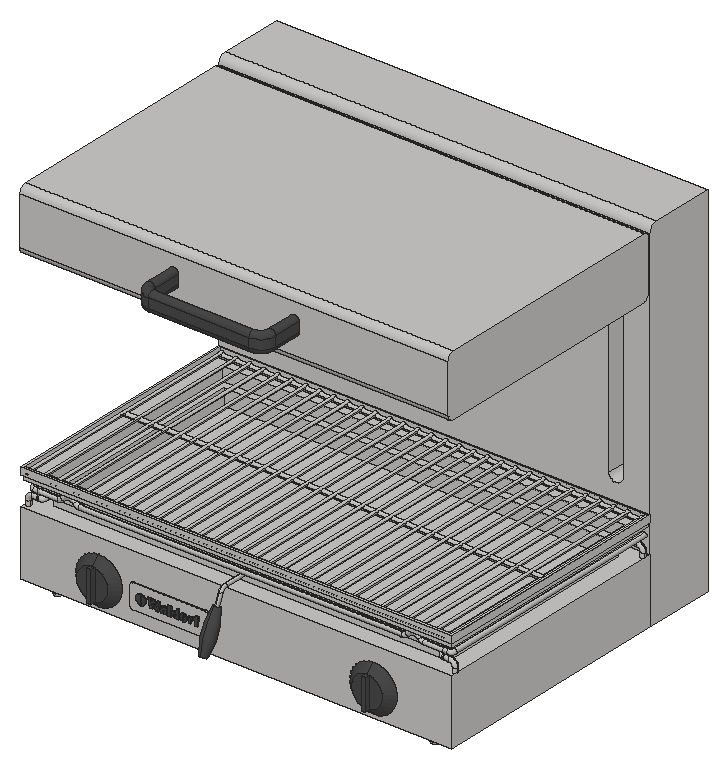
Revit family "QF_MOFFAT_BLUESEAL_CE_E90", category Specialty Equipment, Revit 2012
Parameters
  Width = 600 mm
  Weight in Pounds = 79
  Watts = 3600 W
  Volts = 230 V
  URL Cutsheet = "www.moffat.com"
  URL = "www.moffat.com"
  Type Mark [instance] = ""
  Status [instance] = ""
  Specification by User [instance] = ""
  Specification by Manufacturer = ""
  Show Logo [instance] = yes
  Serial Number = ""
  Seismic Rating = ""
  SMACNA No = ""
  Revision Code [instance] = ""
  Phase = 1
  Omniclass Number and Title = ""
  Number of Poles = 1
  NAFEM Spec ID Number = ""
  Model = "E90"
  Min Ckt Ampacity = 0 A
  Max Overcurrent Protection = 0 A
  Masterspec = ""
  Manufacturer = "MOFFAT BLUESEAL"
  Item Number [instance] = ""
  Installed By [instance] = ""
  Identify Quantity as Lot [instance] = yes
  Height = 514 mm
  HP = ""
  Furnished By [instance] = ""
  Foodservice Equipment Identifier [instance] = yes
  FL Amps = 15 A
  Electrical Remarks = ""
  Electric Connection Type = ""
  Elec Conn RI Height = 0 mm
  Elec Conn Connection Height = 0 mm
  Description = "600MM ELECTRIC SALAMANDER"
  Depth = 510 mm
  Cycle = 50 Hz
  Conn Plug = ""
  Conn Conduit = yes
  CSI MasterFormat = ""
  CSI Master Format = ""
  Body Finish = QF_Finishes_Stainless Steel
  Apparent Power = 0 VA
Reference planes
  plane 1 "BACK": y = 0
  plane 2: z = 0
  plane 3 "LEFT": x = 0
  plane 4 "RIGHT": x = 600
  plane 5 "FRONT": y = -510
  plane 6 "TOP": z = 514
  plane 7 "Center Y": x = 300
  plane 8 "Center X": y = -255
  plane 9: z = 424
  plane 10: z = 12.7
  plane 11: x = 390.463
  plane 12: x = 209.537
  plane 13: x = 37.476
  plane 14: y = -426.962
Forms (mm)
  Extrusion 1, solid, material "QF_Finishes_Stainless Steel"
    sketch origin (0, 0, 0) x (0, 1, 0) y (0, 0, 1)
      loop
        line (0, 514) -> (-88.234, 514)
        arc (-88.234, 514) -> (-96.527, 510.565) -> (-99.962, 502.272) r 11.728
        line (-99.962, 502.272) -> (-99.962, 12.7) -> (0, 12.7) -> (0, 514)
    from 0 to 600
  Extrusion 2, solid, material "QF_Finishes_Stainless Steel"
    sketch origin (0, 0, 0) x (0, 1, 0) y (0, 0, 1)
      loop
        line (-99.962, 12.7) -> (-99.962, 102.7) -> (-444.962, 102.7) -> (-444.962, 12.7) -> (-99.962, 12.7)
    from 0 to 600
  Extrusion 3, void
    sketch origin (0, -99.962, 502.272) x (0, 0, 1) y (1, 0, 0)
      loop
        line (-21.583, 57.235) -> (-316.876, 57.235)
        arc (-316.876, 57.235) -> (-326.876, 47.235) -> (-316.876, 37.235) r 10
        line (-316.876, 37.235) -> (-21.583, 37.235)
        arc (-21.583, 37.235) -> (-11.583, 47.235) -> (-21.583, 57.235) r 10
      loop
        arc (-21.583, 542.765) -> (-11.583, 552.765) -> (-21.583, 562.765) r 10
        line (-21.583, 562.765) -> (-316.876, 562.765)
        arc (-316.876, 562.765) -> (-326.876, 552.765) -> (-316.876, 542.765) r 10
        line (-316.876, 542.765) -> (-21.583, 542.765)
    from 0 to 50
  Extrusion 4, solid, material "QF_Finishes_Stainless Steel"
    sketch origin (600, 0, 0) x (0, 1, 0) y (0, 0, 1)
      loop
        line (-107.462, 505.178) -> (-438.806, 505.178)
        arc (-438.806, 505.178) -> (-445.877, 502.249) -> (-448.806, 495.178) r 10
        line (-448.806, 495.178) -> (-448.806, 427.852)
        arc (-448.806, 427.852) -> (-446.558, 422.426) -> (-441.132, 420.178) r 7.674
        line (-441.132, 420.178) -> (-109.153, 420.178)
        arc (-109.153, 420.178) -> (-104.422, 422.138) -> (-102.462, 426.869) r 6.691
        line (-102.462, 426.869) -> (-102.462, 500.178)
        arc (-102.462, 500.178) -> (-103.927, 503.714) -> (-107.462, 505.178) r 5
    from -2 to -598
  Sweep 5, solid, material "QF_Finishes_Black"
    path origin (600, -443.806, 414.366) x (1, 0, 0) y (0, 1, 0)
      loop
        line (-390.463, -4.983) -> (-390.463, -45.794)
        arc (-390.463, -45.794) -> (-384.488, -60.219) -> (-370.063, -66.194) r 20.4
        line (-370.063, -66.194) -> (-229.932, -66.194)
        arc (-229.932, -66.194) -> (-215.51, -60.221) -> (-209.537, -45.799) r 20.395
        line (-209.537, -45.799) -> (-209.537, -4.983)
    profile origin (209.537, -469.194, 414.366) x (1, 0, 0) y (0, 0, 1)
      loop
        arc (0, 44.74) -> (6.406, 38.334) -> (12.812, 44.74) r 6.406
        line (12.812, 44.74) -> (12.812, 58.081)
        arc (12.812, 58.081) -> (6.406, 64.487) -> (0, 58.081) r 6.406
        line (0, 58.081) -> (0, 44.74)
  Extrusion 6, solid, material "QF_Finishes_Stainless Steel"
    sketch origin (0, -444.962, 102.7) x (0, 1, 0) y (-1, 0, 0)
      loop
        line (345, 0) -> (0, 0) -> (0, -600) -> (345, -600) -> (345, 0)
      loop
        line (3, -3) -> (3, -597) -> (342, -597) -> (342, -3) -> (3, -3)
    from 50 to 40
  Extrusion 7, solid, material "QF_Finishes_Stainless Steel"
    sketch origin (0, -102.962, 102.7) x (1, 0, 0) y (0, 0, 1)
      loop
        circle (592.087, 44.923) r 2
    from 0 to 339
  Extrusion 8, solid, material "QF_Finishes_Stainless Steel"
    sketch origin (-585, -102.962, 102.7) x (1, 0, 0) y (0, 0, 1)
      loop
        circle (592.087, 44.923) r 2
    from 0 to 339
  Extrusion 9, solid, material "QF_Finishes_Stainless Steel"
    sketch origin (-19.5, -102.962, 102.7) x (1, 0, 0) y (0, 0, 1)
      loop
        circle (592.087, 44.923) r 2
    from 0 to 339
  Extrusion 10, solid, material "QF_Finishes_Stainless Steel"
    sketch origin (-39, -102.962, 102.7) x (1, 0, 0) y (0, 0, 1)
      loop
        circle (592.087, 44.923) r 2
    from 0 to 339
  Extrusion 11, solid, material "QF_Finishes_Stainless Steel"
    sketch origin (-58.5, -102.962, 102.7) x (1, 0, 0) y (0, 0, 1)
      loop
        circle (592.087, 44.923) r 2
    from 0 to 339
  Extrusion 12, solid, material "QF_Finishes_Stainless Steel"
    sketch origin (-78, -102.962, 102.7) x (1, 0, 0) y (0, 0, 1)
      loop
        circle (592.087, 44.923) r 2
    from 0 to 339
  Extrusion 13, solid, material "QF_Finishes_Stainless Steel"
    sketch origin (-97.5, -102.962, 102.7) x (1, 0, 0) y (0, 0, 1)
      loop
        circle (592.087, 44.923) r 2
    from 0 to 339
  Extrusion 14, solid, material "QF_Finishes_Stainless Steel"
    sketch origin (-117, -102.962, 102.7) x (1, 0, 0) y (0, 0, 1)
      loop
        circle (592.087, 44.923) r 2
    from 0 to 339
  Extrusion 15, solid, material "QF_Finishes_Stainless Steel"
    sketch origin (-136.5, -102.962, 102.7) x (1, 0, 0) y (0, 0, 1)
      loop
        circle (592.087, 44.923) r 2
    from 0 to 339
  Extrusion 16, solid, material "QF_Finishes_Stainless Steel"
    sketch origin (-156, -102.962, 102.7) x (1, 0, 0) y (0, 0, 1)
      loop
        circle (592.087, 44.923) r 2
    from 0 to 339
  Extrusion 17, solid, material "QF_Finishes_Stainless Steel"
    sketch origin (-175.5, -102.962, 102.7) x (1, 0, 0) y (0, 0, 1)
      loop
        circle (592.087, 44.923) r 2
    from 0 to 339
  Extrusion 18, solid, material "QF_Finishes_Stainless Steel"
    sketch origin (-195, -102.962, 102.7) x (1, 0, 0) y (0, 0, 1)
      loop
        circle (592.087, 44.923) r 2
    from 0 to 339
  Extrusion 19, solid, material "QF_Finishes_Stainless Steel"
    sketch origin (-214.5, -102.962, 102.7) x (1, 0, 0) y (0, 0, 1)
      loop
        circle (592.087, 44.923) r 2
    from 0 to 339
  Extrusion 20, solid, material "QF_Finishes_Stainless Steel"
    sketch origin (-234, -102.962, 102.7) x (1, 0, 0) y (0, 0, 1)
      loop
        circle (592.087, 44.923) r 2
    from 0 to 339
  Extrusion 21, solid, material "QF_Finishes_Stainless Steel"
    sketch origin (-253.5, -102.962, 102.7) x (1, 0, 0) y (0, 0, 1)
      loop
        circle (592.087, 44.923) r 2
    from 0 to 339
  Extrusion 22, solid, material "QF_Finishes_Stainless Steel"
    sketch origin (-273, -102.962, 102.7) x (1, 0, 0) y (0, 0, 1)
      loop
        circle (592.087, 44.923) r 2
    from 0 to 339
  Extrusion 23, solid, material "QF_Finishes_Stainless Steel"
    sketch origin (-292.5, -102.962, 102.7) x (1, 0, 0) y (0, 0, 1)
      loop
        circle (592.087, 44.923) r 2
    from 0 to 339
  Extrusion 24, solid, material "QF_Finishes_Stainless Steel"
    sketch origin (-312, -102.962, 102.7) x (1, 0, 0) y (0, 0, 1)
      loop
        circle (592.087, 44.923) r 2
    from 0 to 339
  Extrusion 25, solid, material "QF_Finishes_Stainless Steel"
    sketch origin (-331.5, -102.962, 102.7) x (1, 0, 0) y (0, 0, 1)
      loop
        circle (592.087, 44.923) r 2
    from 0 to 339
  Extrusion 26, solid, material "QF_Finishes_Stainless Steel"
    sketch origin (-351, -102.962, 102.7) x (1, 0, 0) y (0, 0, 1)
      loop
        circle (592.087, 44.923) r 2
    from 0 to 339
  Extrusion 27, solid, material "QF_Finishes_Stainless Steel"
    sketch origin (-370.5, -102.962, 102.7) x (1, 0, 0) y (0, 0, 1)
      loop
        circle (592.087, 44.923) r 2
    from 0 to 339
  Extrusion 28, solid, material "QF_Finishes_Stainless Steel"
    sketch origin (-390, -102.962, 102.7) x (1, 0, 0) y (0, 0, 1)
      loop
        circle (592.087, 44.923) r 2
    from 0 to 339
  Extrusion 29, solid, material "QF_Finishes_Stainless Steel"
    sketch origin (-409.5, -102.962, 102.7) x (1, 0, 0) y (0, 0, 1)
      loop
        circle (592.087, 44.923) r 2
    from 0 to 339
  Extrusion 30, solid, material "QF_Finishes_Stainless Steel"
    sketch origin (-429, -102.962, 102.7) x (1, 0, 0) y (0, 0, 1)
      loop
        circle (592.087, 44.923) r 2
    from 0 to 339
  Extrusion 31, solid, material "QF_Finishes_Stainless Steel"
    sketch origin (-448.5, -102.962, 102.7) x (1, 0, 0) y (0, 0, 1)
      loop
        circle (592.087, 44.923) r 2
    from 0 to 339
  Extrusion 32, solid, material "QF_Finishes_Stainless Steel"
    sketch origin (-468, -102.962, 102.7) x (1, 0, 0) y (0, 0, 1)
      loop
        circle (592.087, 44.923) r 2
    from 0 to 339
  Extrusion 33, solid, material "QF_Finishes_Stainless Steel"
    sketch origin (-487.5, -102.962, 102.7) x (1, 0, 0) y (0, 0, 1)
      loop
        circle (592.087, 44.923) r 2
    from 0 to 339
  Extrusion 34, solid, material "QF_Finishes_Stainless Steel"
    sketch origin (-507, -102.962, 102.7) x (1, 0, 0) y (0, 0, 1)
      loop
        circle (592.087, 44.923) r 2
    from 0 to 339
  Extrusion 35, solid, material "QF_Finishes_Stainless Steel"
    sketch origin (-526.5, -102.962, 102.7) x (1, 0, 0) y (0, 0, 1)
      loop
        circle (592.087, 44.923) r 2
    from 0 to 339
  Extrusion 36, solid, material "QF_Finishes_Stainless Steel"
    sketch origin (-546, -102.962, 102.7) x (1, 0, 0) y (0, 0, 1)
      loop
        circle (592.087, 44.923) r 2
    from 0 to 339
  Extrusion 37, solid, material "QF_Finishes_Stainless Steel"
    sketch origin (-565.5, -102.962, 102.7) x (1, 0, 0) y (0, 0, 1)
      loop
        circle (592.087, 44.923) r 2
    from 0 to 339
  Extrusion 38, solid, material "QF_Finishes_Stainless Steel"
    sketch origin (3, -102.281, 102.7) x (0, 1, 0) y (0, 0, 1)
      loop
        circle (-336.674, 42.923) r 3
      loop
        circle (-170.182, 42.923) r 3
      loop
        circle (-3.682, 42.923) r 3
    from 0 to 594
  Sweep 39, solid, material "QF_Finishes_Stainless Steel"
    path origin (0, -444.962, 142.7) x (0, 1, 0) y (-1, 0, 0)
      loop
        line (330, -15) -> (13.008, -15) -> (13.008, -587) -> (330, -587) -> (330, -15)
    profile origin (301, -114.962, 142.7) x (0, 1, 0) y (0, 0, 1)
      loop
        line (0, -5) -> (12, -5) -> (12, 0) -> (-5, 0) -> (-5, -18.089) -> (-16.511, -18.089) -> (-16.511, -40) -> (-11.511, -40) -> (-11.511, -23.089) -> (0, -23.089) -> (0, -5)
  Sweep 40, solid, material "QF_Finishes_Stainless Steel"
    path origin (587, -431.954, 137.7) x (-1, 0, 0) y (0, 0, -1)
      loop
        line (569, 13.089) -> (541.437, 13.089)
        arc (541.437, 13.089) -> (537.989, 12.275) -> (535.272, 10.003) r 7.7
        arc (535.272, 10.003) -> (526.866, 5.793) -> (518.459, 9.999) r 10.501
        arc (518.459, 9.999) -> (515.736, 12.274) -> (512.283, 13.089) r 7.716
        line (512.283, 13.089) -> (61.717, 13.089)
        arc (61.717, 13.089) -> (58.264, 12.274) -> (55.541, 9.999) r 7.716
        arc (55.541, 9.999) -> (47.134, 5.793) -> (38.728, 10.003) r 10.501
        arc (38.728, 10.003) -> (36.011, 12.275) -> (32.563, 13.089) r 7.7
        line (32.563, 13.089) -> (5, 13.089)
    profile origin (300, -431.954, 124.611) x (0, 0, 1) y (0, -1, 0)
      loop
        circle (0, 3.036) r 3.036
  Sweep 41, solid, material "QF_Finishes_Stainless Steel"
    path origin (15, -114.962, 119.611) x (0, -1, 0) y (1, 0, 0)
      loop
        line (320.028, 567) -> (320.028, 572.972)
        arc (320.028, 572.972) -> (318.848, 575.82) -> (316, 577) r 4.028
        line (316, 577) -> (-15, 577)
    profile origin (584.986, -434.991, 119.611) x (0, 1, 0) y (0, 0, 1)
      loop
        circle (0, 5) r 3.036
  Sweep 42, solid, material "QF_Finishes_Stainless Steel"
    path origin (585, -114.962, 119.611) x (0, 1, 0) y (-1, 0, 0)
      loop
        line (-320.028, 567) -> (-320.028, 572.972)
        arc (-320.028, 572.972) -> (-318.848, 575.82) -> (-316, 577) r 4.028
        line (-316, 577) -> (15, 577)
    profile origin (15.014, -434.991, 119.611) x (0, -1, 0) y (0, 0, 1)
      loop
        circle (0, 5) r 3.036
  Sweep 43, solid, material "QF_Finishes_Stainless Steel"
    path origin (569.239, -420.444, 119.611) x (-1, 0, 0) y (0, 0, -1)
      loop
        line (551.913, 3.413) -> (559.47, 3.413)
        arc (559.47, 3.413) -> (564.102, 5.332) -> (566.021, 9.964) r 6.551
        line (566.021, 9.964) -> (566.021, 16.911)
    profile origin (13.547, -420.444, 116.198) x (0, 0, -1) y (0, -1, 0)
      loop
        circle (0, 14.832) r 3.066
  Sweep 44, solid, material "QF_Finishes_Stainless Steel"
    path origin (-549.634, -114.962, 111.175) x (0, -1, 0) y (1, 0, 0)
      loop
        line (320.028, 567) -> (320.028, 568.909)
        arc (320.028, 568.909) -> (318.848, 571.758) -> (316, 572.938) r 4.028
        line (316, 572.938) -> (-2.148, 572.937)
        arc (-2.148, 572.937) -> (-4.996, 571.758) -> (-6.176, 568.909) r 4.028
        line (-6.176, 568.909) -> (-6.176, 567)
    profile origin (18.321, -434.991, 111.175) x (0, 1, 0) y (0, 0, 1)
      loop
        circle (-0.312, 5) r 3.036
  Sweep 45, solid, material "QF_Finishes_Stainless Steel"
    path origin (569.239, -93.599, 119.611) x (-1, 0, 0) y (0, 0, -1)
      loop
        line (551.913, 3.413) -> (559.47, 3.413)
        arc (559.47, 3.413) -> (564.102, 5.332) -> (566.021, 9.964) r 6.551
        line (566.021, 9.964) -> (566.021, 16.911)
    profile origin (13.547, -93.599, 116.198) x (0, 0, -1) y (0, -1, 0)
      loop
        circle (0, 14.832) r 3.066
  Sweep 46, solid, material "QF_Finishes_Stainless Steel"
    path origin (30.761, -420.444, 119.611) x (1, 0, 0) y (0, 0, 1)
      loop
        line (551.913, -3.413) -> (559.47, -3.413)
        arc (559.47, -3.413) -> (564.102, -5.332) -> (566.021, -9.964) r 6.551
        line (566.021, -9.964) -> (566.021, -16.911)
    profile origin (586.453, -420.444, 116.198) x (0, 0, 1) y (0, -1, 0)
      loop
        circle (0, 14.832) r 3.066
  Sweep 47, solid, material "QF_Finishes_Stainless Steel"
    path origin (1149.634, -114.962, 111.175) x (0, 1, 0) y (-1, 0, 0)
      loop
        line (-320.028, 567) -> (-320.028, 568.909)
        arc (-320.028, 568.909) -> (-318.848, 571.758) -> (-316, 572.937) r 4.028
        line (-316, 572.937) -> (2.148, 572.937)
        arc (2.148, 572.937) -> (4.996, 571.758) -> (6.176, 568.909) r 4.028
        line (6.176, 568.909) -> (6.176, 567)
    profile origin (581.679, -434.991, 111.175) x (0, -1, 0) y (0, 0, 1)
      loop
        circle (0.312, 5) r 3.036
  Sweep 48, solid, material "QF_Finishes_Stainless Steel"
    path origin (30.761, -93.599, 119.611) x (1, 0, 0) y (0, 0, 1)
      loop
        line (551.913, -3.413) -> (559.47, -3.413)
        arc (559.47, -3.413) -> (564.102, -5.332) -> (566.021, -9.964) r 6.551
        line (566.021, -9.964) -> (566.021, -16.911)
    profile origin (586.453, -93.599, 116.198) x (0, 0, 1) y (0, -1, 0)
      loop
        circle (0, 14.832) r 3.066
  Revolve 49, solid, material "QF_Finishes_Black"
    sketch origin (108.75, 0, 0) x (0, 1, 0) y (0, 0, -1)
      loop
        line (-444.962, -49.575) -> (-444.962, -16.945) -> (-455.9, -27.883) -> (-455.9, -49.575) -> (-444.962, -49.575)
      axis (-455.9, -49.575) -> (-444.962, -49.575)
    angle from 0 to 360
  Extrusion 50, solid, material "QF_Finishes_Black"
    sketch origin (108.75, -455.9, 49.575) x (0, 0, -1) y (1, 0, 0)
      loop
        line (-21.547, -2.506) -> (21.547, -2.506)
        arc (21.547, -2.506) -> (21.691, 0.225) -> (21.49, 2.953) r 21.692
        line (21.49, 2.953) -> (-21.49, 2.953)
        arc (-21.49, 2.953) -> (-21.691, 0.225) -> (-21.547, -2.506) r 21.692
      loop
        arc (-21.547, 385.006) -> (-21.691, 382.275) -> (-21.49, 379.547) r 21.692
        line (-21.49, 379.547) -> (21.49, 379.547)
        arc (21.49, 379.547) -> (21.691, 382.275) -> (21.547, 385.006) r 21.692
        line (21.547, 385.006) -> (-21.547, 385.006)
    from 0 to 6
  Sweep 51, solid, material "QF_Finishes_Stainless Steel"
    path origin (0, -11.577, -2.281) x (0, 1, 0) y (0, 0, 1)
      loop
        line (-395, 119.611) -> (-452.663, 119.611)
        arc (-452.663, 119.611) -> (-456.519, 118.468) -> (-459.131, 115.41) r 7.08
        line (-459.131, 115.41) -> (-476.355, 76.725)
    profile origin (0, -435.408, 117.33) x (0, 0, -1) y (1, 0, 0)
      loop
        circle (-1.613, 300) r 2.281
  Revolve 52, solid, material "QF_Finishes_Stainless Steel"
    sketch origin (300, -11.577, 0) x (0, 1, 0) y (0, 0, 1)
      loop
        line (-490.635, 46.336) -> (-467.256, 98.845) -> (-471.824, 100.879)
        arc (-471.824, 100.879) -> (-487.428, 76.367) -> (-495.202, 48.37) r 98.506
        line (-495.202, 48.37) -> (-490.635, 46.336)
      axis (-467.256, 98.845) -> (-490.635, 46.336)
    angle from 0 to 360
  Revolve 53, solid, material "QF_Finishes_Black"
    sketch origin (490.974, 0, 0) x (0, 1, 0) y (0, 0, 1)
      loop
        line (-444.962, 49.575) -> (-455.9, 49.575) -> (-455.9, 27.883) -> (-444.962, 16.945) -> (-444.962, 49.575)
      axis (-455.9, 49.575) -> (-444.962, 49.575)
    angle from 0 to 360
  Revolve 54, solid, material "QF_Finishes_Stainless Steel"
    sketch origin (37.476, 0, 0) x (0, 1, 0) y (0, 0, 1)
      loop
        line (-426.962, 12.7) -> (-426.962, 0) -> (-421.962, 0) -> (-417.087, 12.7) -> (-426.962, 12.7)
      axis (-426.962, 12.7) -> (-426.962, 0)
    angle from 0 to 360
  Revolve 55, solid, material "QF_Finishes_Stainless Steel"
    sketch origin (37.476, 310, 0) x (0, 1, 0) y (0, 0, 1)
      loop
        line (-426.962, 12.7) -> (-426.962, 0) -> (-421.962, 0) -> (-417.087, 12.7) -> (-426.962, 12.7)
      axis (-426.962, 12.7) -> (-426.962, 0)
    angle from 0 to 360
  Revolve 56, solid, material "QF_Finishes_Stainless Steel"
    sketch origin (562.524, 0, 0) x (0, 1, 0) y (0, 0, -1)
      loop
        line (-426.962, -12.7) -> (-417.087, -12.7) -> (-421.962, 0) -> (-426.962, 0) -> (-426.962, -12.7)
      axis (-426.962, -12.7) -> (-426.962, 0)
    angle from 0 to 360
  Revolve 57, solid, material "QF_Finishes_Stainless Steel"
    sketch origin (562.524, 310, 0) x (0, 1, 0) y (0, 0, -1)
      loop
        line (-426.962, -12.7) -> (-417.087, -12.7) -> (-421.962, 0) -> (-426.962, 0) -> (-426.962, -12.7)
      axis (-426.962, -12.7) -> (-426.962, 0)
    angle from 0 to 360
  Extrusion 58, solid, material "QF_Finishes_Stainless Steel"
    sketch origin (0, -99.962, 12.7) x (1, 0, 0) y (0, -1, 0)
      loop
        circle (300, -89.962) r 10
    from 0 to 3
Cuts and joins
  Extrusion 3 cuts Extrusion 1
  joined: Extrusion 8, Extrusion 9, Extrusion 10, Extrusion 11, Extrusion 12, Extrusion 13, Extrusion 14, Extrusion 15, Extrusion 16, Extrusion 17, Extrusion 18, Extrusion 19, Extrusion 20, Extrusion 21, Extrusion 22, Extrusion 23, Extrusion 24, Extrusion 25, Extrusion 26, Extrusion 27, Extrusion 28, Extrusion 29, Extrusion 30, Extrusion 31, Extrusion 32, Extrusion 33, Extrusion 34, Extrusion 35, Extrusion 36, Extrusion 37, Extrusion 38
  joined: Sweep 40, Sweep 41, Sweep 42
Lines and regions (mm)
  Split face 1
    outline origin (598, 22.869, 0) x (0, 1, 0) y (0, 0, 1)
      loop
        line (-407.285, 462) -> (-407.285, 482) -> (-420.285, 482) -> (-420.285, 462) -> (-407.285, 462)
  Split face 2
    outline origin (2, 0, 0) x (0, 1, 0) y (0, 0, 1)
      loop
        line (-115.797, 462) -> (-102.797, 462) -> (-102.797, 482) -> (-115.797, 482) -> (-115.797, 462)
  Split face 3
    outline origin (2, 0, 0) x (0, 1, 0) y (0, 0, 1)
      loop
        line (-125.525, 462) -> (-125.525, 482) -> (-138.525, 482) -> (-138.525, 462) -> (-125.525, 462)
  Split face 4
    outline origin (2, -22.727, 0) x (0, 1, 0) y (0, 0, 1)
      loop
        line (-125.525, 462) -> (-125.525, 482) -> (-138.525, 482) -> (-138.525, 462) -> (-125.525, 462)
  Split face 5
    outline origin (2, -45.455, 0) x (0, 1, 0) y (0, 0, 1)
      loop
        line (-125.525, 462) -> (-125.525, 482) -> (-138.525, 482) -> (-138.525, 462) -> (-125.525, 462)
  Split face 6
    outline origin (2, -68.182, 0) x (0, 1, 0) y (0, 0, 1)
      loop
        line (-125.525, 462) -> (-125.525, 482) -> (-138.525, 482) -> (-138.525, 462) -> (-125.525, 462)
  Split face 7
    outline origin (2, -90.909, 0) x (0, 1, 0) y (0, 0, 1)
      loop
        line (-125.525, 462) -> (-125.525, 482) -> (-138.525, 482) -> (-138.525, 462) -> (-125.525, 462)
  Split face 8
    outline origin (2, -113.636, 0) x (0, 1, 0) y (0, 0, 1)
      loop
        line (-125.525, 462) -> (-125.525, 482) -> (-138.525, 482) -> (-138.525, 462) -> (-125.525, 462)
  Split face 9
    outline origin (2, -136.364, 0) x (0, 1, 0) y (0, 0, 1)
      loop
        line (-134.275, 462) -> (-134.275, 482) -> (-147.275, 482) -> (-147.275, 462) -> (-134.275, 462)
  Split face 10
    outline origin (2, -159.091, 0) x (0, 1, 0) y (0, 0, 1)
      loop
        line (-134.275, 462) -> (-134.275, 482) -> (-147.275, 482) -> (-147.275, 462) -> (-134.275, 462)
  Split face 11
    outline origin (2, -181.818, 0) x (0, 1, 0) y (0, 0, 1)
      loop
        line (-134.275, 462) -> (-134.275, 482) -> (-147.275, 482) -> (-147.275, 462) -> (-134.275, 462)
  Split face 12
    outline origin (2, -204.545, 0) x (0, 1, 0) y (0, 0, 1)
      loop
        line (-134.275, 462) -> (-134.275, 482) -> (-147.275, 482) -> (-147.275, 462) -> (-134.275, 462)
  Split face 13
    outline origin (2, -227.273, 0) x (0, 1, 0) y (0, 0, 1)
      loop
        line (-134.275, 462) -> (-134.275, 482) -> (-147.275, 482) -> (-147.275, 462) -> (-134.275, 462)
  Split face 14
    outline origin (2, -250.142, 0) x (0, 1, 0) y (0, 0, 1)
      loop
        line (-134.275, 462) -> (-134.275, 482) -> (-147.275, 482) -> (-147.275, 462) -> (-134.275, 462)
  Split face 15
    outline origin (2, -273.01, 0) x (0, 1, 0) y (0, 0, 1)
      loop
        line (-134.275, 462) -> (-134.275, 482) -> (-147.275, 482) -> (-147.275, 462) -> (-134.275, 462)
  Split face 16
    outline origin (633.75, -444.962, 12.7) x (0, 0, 1) y (-1, 0, 0)
      loop
        circle (76.345, 526.002) r 3.252
  Split face 17
    outline origin (-34.026, -444.962, 12.7) x (0, 0, 1) y (-1, 0, 0)
      loop
        circle (76.345, -526.002) r 3.252
  Split face 18
    outline origin (598, 0, 0) x (0, 1, 0) y (0, 0, 1)
      loop
        line (-407.285, 462) -> (-407.285, 482) -> (-420.285, 482) -> (-420.285, 462) -> (-407.285, 462)
  Split face 19
    outline origin (598, 45.738, 0) x (0, 1, 0) y (0, 0, 1)
      loop
        line (-407.285, 462) -> (-407.285, 482) -> (-420.285, 482) -> (-420.285, 462) -> (-407.285, 462)
  Split face 20
    outline origin (598, 68.465, 0) x (0, 1, 0) y (0, 0, 1)
      loop
        line (-407.285, 462) -> (-407.285, 482) -> (-420.285, 482) -> (-420.285, 462) -> (-407.285, 462)
  Split face 21
    outline origin (598, 91.192, 0) x (0, 1, 0) y (0, 0, 1)
      loop
        line (-407.285, 462) -> (-407.285, 482) -> (-420.285, 482) -> (-420.285, 462) -> (-407.285, 462)
  Split face 22
    outline origin (598, 113.919, 0) x (0, 1, 0) y (0, 0, 1)
      loop
        line (-407.285, 462) -> (-407.285, 482) -> (-420.285, 482) -> (-420.285, 462) -> (-407.285, 462)
  Split face 23
    outline origin (598, 136.647, 0) x (0, 1, 0) y (0, 0, 1)
      loop
        line (-407.285, 462) -> (-407.285, 482) -> (-420.285, 482) -> (-420.285, 462) -> (-407.285, 462)
  Split face 24
    outline origin (598, 168.124, 0) x (0, 1, 0) y (0, 0, 1)
      loop
        line (-407.285, 462) -> (-407.285, 482) -> (-420.285, 482) -> (-420.285, 462) -> (-407.285, 462)
  Split face 25
    outline origin (598, 190.851, 0) x (0, 1, 0) y (0, 0, 1)
      loop
        line (-407.285, 462) -> (-407.285, 482) -> (-420.285, 482) -> (-420.285, 462) -> (-407.285, 462)
  Split face 26
    outline origin (598, 213.578, 0) x (0, 1, 0) y (0, 0, 1)
      loop
        line (-407.285, 462) -> (-407.285, 482) -> (-420.285, 482) -> (-420.285, 462) -> (-407.285, 462)
  Split face 27
    outline origin (598, 236.306, 0) x (0, 1, 0) y (0, 0, 1)
      loop
        line (-407.285, 462) -> (-407.285, 482) -> (-420.285, 482) -> (-420.285, 462) -> (-407.285, 462)
  Split face 28
    outline origin (598, 259.033, 0) x (0, 1, 0) y (0, 0, 1)
      loop
        line (-407.285, 462) -> (-407.285, 482) -> (-420.285, 482) -> (-420.285, 462) -> (-407.285, 462)
  Split face 29
    outline origin (598, 281.76, 0) x (0, 1, 0) y (0, 0, 1)
      loop
        line (-407.285, 462) -> (-407.285, 482) -> (-420.285, 482) -> (-420.285, 462) -> (-407.285, 462)
  Split face 30
    outline origin (598, 304.488, 0) x (0, 1, 0) y (0, 0, 1)
      loop
        line (-407.285, 462) -> (-407.285, 482) -> (-420.285, 482) -> (-420.285, 462) -> (-407.285, 462)
  symbolic lines
    curve 1: line (600, 0, 0) -> (0, 0, 0)
    curve 2: line (0, -448.806, 0) -> (600, -448.806, 0)
    curve 3: line (0, -448.806, 0) -> (0, 0, 0)
    curve 4: line (600, 0, 0) -> (600, -448.806, 0)
    curve 5: line (0, -99.962, 0) -> (600, -99.962, 0)
    curve 6: line (0, -102.494, 0) -> (600, -102.494, 0)
    curve 7: line (86.416, -455.9, 0) -> (129.8, -455.9, 0)
    curve 8: line (129.8, -455.9, 0) -> (136.894, -448.806, 0)
    curve 9: line (111.061, -461.9, 0) -> (105.602, -461.9, 0)
    curve 10: line (105.602, -461.9, 0) -> (105.602, -455.9, 0)
    curve 11: line (111.061, -461.9, 0) -> (111.061, -455.9, 0)
    curve 12: line (86.416, -455.9, 0) -> (79.322, -448.806, 0)
    curve 13: line (488.297, -461.9, 0) -> (493.756, -461.9, 0)
    curve 14: line (493.756, -461.9, 0) -> (493.756, -455.9, 0)
    curve 15: line (469.245, -455.9, 0) -> (512.63, -455.9, 0)
    curve 16: line (512.63, -455.9, 0) -> (519.724, -448.806, 0)
    curve 17: line (488.297, -461.9, 0) -> (488.297, -455.9, 0)
    curve 18: line (469.245, -455.9, 0) -> (462.151, -448.806, 0)
    curve 19: line (390.463, -448.806, 0) -> (390.463, -491.001, 0)
    curve 20: arc (390.463, -491.001, 0) -> (384.898, -504.435, 0) -> (371.464, -510, 0) r 18.999
    curve 21: line (371.464, -510, 0) -> (230.97, -510, 0)
    curve 22: arc (230.97, -510, 0) -> (217.572, -505.532, 0) -> (209.537, -493.917, 0) r 22.323
    curve 23: line (209.537, -448.806, 0) -> (209.537, -493.917, 0)
    curve 24: line (222.537, -448.806, 0) -> (222.537, -491.652, 0)
    curve 25: arc (230.97, -497, 0) -> (225.977, -495.55, 0) -> (222.537, -491.652, 0) r 9.323
    curve 26: line (371.464, -497, 0) -> (230.97, -497, 0)
    curve 27: arc (377.463, -491.001, 0) -> (375.706, -495.243, 0) -> (371.464, -497, 0) r 5.999
    curve 28: line (377.463, -448.806, 0) -> (377.463, -491.001, 0)
    curve 29: line (302.247, -448.806, 0) -> (302.247, -478.806, 0)
    curve 30: line (297.715, -448.806, 0) -> (297.715, -479.162, 0)
    curve 31: arc (300, -483.4, 0) -> (295.171, -480.124, 0) -> (297.715, -474.872, 0) r 4.462
    curve 32: arc (300, -483.4, 0) -> (304.834, -480.103, 0) -> (302.247, -474.855, 0) r 4.462
    curve 33: arc (308.38, -497, 0) -> (308.768, -486.118, 0) -> (304.085, -476.288, 0) r 22.894
    curve 34: arc (291.62, -497, 0) -> (291.232, -486.118, 0) -> (295.915, -476.288, 0) r 22.894
Dimensions and locks
  equal spacing: plane 3 "LEFT", plane 7 "Center Y", plane 4 "RIGHT"
  "Width": plane 3 "LEFT" to plane 4 "RIGHT"
  equal spacing: plane 5 "FRONT", plane 8 "Center X", plane 1 "BACK"
  "Depth": plane 5 "FRONT" to plane 1 "BACK"
  "Height": plane 6 "TOP" to level
  plane 5 "FRONT" to plane 1 "BACK" = 510 mm
  equal spacing: group 2, group 31, group 30, group 29, group 28, group 27, group 26, group 25, group 24, group 23, group 22, group 21, group 20, group 19, group 18, group 17, group 16, group 15, group 14, group 13, group 12, group 11, group 10, group 9, group 8, group 7, group 6, group 5, group 4, group 3, group 1
  equal spacing: group 1, group 3, group 4, group 5, group 6, group 7, group 8, group 9, group 10, group 11, group 12, group 13, group 14, group 15, group 16, group 17, group 18, group 19, group 20, group 21, group 22, group 23, group 24, group 25, group 26, group 27, group 28, group 29, group 30, group 31, group 2  (x2)
  aligned and locked: level to plane 2
  aligned and locked: Extrusion 1 to plane 4 "RIGHT"
  aligned and locked: Extrusion 2 to Extrusion 1
  aligned and locked: Extrusion 38 to Extrusion 6
Automatic sketch dimensions
  curve 20 to curve 27 = 0 mm  (x2)
  curve 22 to curve 25 = 0 mm  (x2)
  curve 5 to plane 3 "LEFT" = 0 mm
  plane 5 "FRONT" to curve 21 = 0 mm
  curve 31 to plane 7 "Center Y" = 0 mm
  curve 5 to plane 4 "RIGHT" = 0 mm
  plane 1 "BACK" to curve 4 = 0 mm
  curve 12 to plane 13 = 41.846 mm
  curve 12 to curve 7 = 7.094 mm
  curve 7 to curve 9 = 19.186 mm
  curve 9 to curve 9 = 5.459 mm
  plane 14 to curve 8 = 28.937 mm
  curve 11 to curve 8 = 18.74 mm
  plane 14 to curve 8 = 21.844 mm
  curve 7 to curve 8 = 7.094 mm
  curve 22 to plane 5 "FRONT" = 16.083 mm
  curve 8 to curve 22 = 72.643 mm
  curve 22 to curve 24 = 13 mm
  curve 24 to curve 21 = 8.433 mm
  curve 33 to plane 7 "Center Y" = 13.649 mm
  curve 33 to curve 34 = 5.269 mm  (x2)
  curve 34 to plane 7 "Center Y" = 4.085 mm
  curve 30 to plane 7 "Center Y" = 2.285 mm
  curve 31 to plane 7 "Center Y" = 0.519 mm
  plane 7 "Center Y" to curve 32 = 0.519 mm
  plane 7 "Center Y" to curve 32 = 2.247 mm
  curve 32 to curve 33 = 1.839 mm
  plane 7 "Center Y" to curve 33 = 8.38 mm
  curve 34 to curve 26 = 57.814 mm
  curve 20 to curve 27 = 5.999 mm
  curve 28 to curve 19 = 13 mm
  curve 19 to curve 18 = 71.688 mm
  curve 18 to curve 15 = 7.094 mm
  curve 15 to curve 13 = 19.052 mm
  curve 13 to curve 14 = 5.459 mm
  plane 14 to curve 16 = 28.937 mm
  curve 14 to curve 16 = 18.874 mm
  curve 15 to curve 16 = 7.094 mm
  curve 33 to curve 34 = 6.234 mm
  curve 34 to curve 33 = 6.234 mm
  curve 31 to curve 33 = 7.113 mm
  curve 30 to curve 31 = 0.193 mm
  curve 32 to curve 29 = 0.163 mm
  curve 17 to curve 17 = 6 mm
  curve 9 to curve 11 = 6 mm
  curve 6 to curve 1 = 102.494 mm
  curve 6 to curve 5 = 2.531 mm
  Extrusion 1 sketch curve to plane 10 = 0 mm
  Extrusion 1 sketch curve to plane 6 "TOP" = 0 mm
  Extrusion 1 sketch curve to plane 1 "BACK" = 0 mm
  plane 1 "BACK" to Extrusion 1 sketch curve = 88.234 mm
  Extrusion 1 sketch curve to Extrusion 1 sketch curve = 11.728 mm
  Extrusion 2 sketch curve to plane 10 = 0 mm
  plane 14 to Extrusion 2 sketch curve = 18 mm
  plane 1 "BACK" to Extrusion 2 sketch curve = 99.962 mm
  Extrusion 2 sketch curve to Extrusion 2 sketch curve = 90 mm
  Extrusion 3 sketch curve to Extrusion 1 = 37.235 mm
  Extrusion 1 to Extrusion 3 sketch curve = 172.696 mm  (x2)
  Extrusion 3 sketch curve to Extrusion 1 = 57.235 mm
  Extrusion 3 sketch curve to Extrusion 1 = 21.583 mm  (x2)
  Extrusion 3 sketch curve to Extrusion 3 sketch curve = 10 mm
  Extrusion 3 sketch curve to Extrusion 3 sketch curve = 20 mm
  Extrusion 4 sketch curve to Extrusion 1 = 86.148 mm
  Extrusion 1 to Extrusion 4 sketch curve = 348.844 mm
  Extrusion 4 sketch curve to Extrusion 4 sketch curve = 7.674 mm
  Extrusion 4 sketch curve to Extrusion 4 sketch curve = 10 mm
  Extrusion 1 to Extrusion 4 sketch curve = 9.191 mm
  Extrusion 1 to Extrusion 4 sketch curve = 7.5 mm
  Extrusion 1 to Extrusion 4 sketch curve = 2.5 mm
  Extrusion 4 sketch curve to Extrusion 1 = 18.822 mm
  Sweep 5 sketch curve to plane 12 = 0 mm
  plane 5 "FRONT" to Sweep 5 sketch curve = 0 mm
  Sweep 5 sketch curve to plane 11 = 0 mm
  plane 12 to Sweep 5 sketch curve = 20.4 mm
  Sweep 5 sketch curve to Sweep 5 sketch curve = 20.395 mm
  plane 14 to Sweep 5 sketch curve = 21.827 mm  (x2)
  profile plane to Sweep 5 sketch curve = 0 mm
  Sweep 5 sketch curve to Sweep 5 sketch curve = 6.406 mm
  profile plane to Sweep 5 sketch curve = 44.74 mm
  Sweep 5 sketch curve to Sweep 5 sketch curve = 13.341 mm
  Extrusion 6 sketch curve to Extrusion 2 = 0 mm  (x4)
  Extrusion 6 sketch curve to Extrusion 2 = 3 mm
  Extrusion 2 to Extrusion 6 sketch curve = 3 mm  (x3)
  Extrusion 6 to Extrusion 38 sketch curve = 3.008 mm
  Extrusion 6 to Extrusion 38 sketch curve = 2.923 mm  (x3)
  Extrusion 38 sketch curve to Extrusion 38 sketch curve = 166.492 mm
  Extrusion 6 to Extrusion 38 sketch curve = 3 mm
  Sweep 39 sketch curve to Extrusion 6 = 10.008 mm
  Sweep 39 sketch curve to Extrusion 6 = 12 mm  (x2)
  Sweep 39 sketch curve to Extrusion 6 = 10 mm
  Sweep 39 sketch curve to profile plane = 0 mm  (x2)
  profile plane to Sweep 39 sketch curve = 5 mm
  Sweep 39 sketch curve to Sweep 39 sketch curve = 6.511 mm
  Sweep 39 sketch curve to Sweep 39 sketch curve = 5 mm  (x2)
  Sweep 39 sketch curve to profile plane = 5 mm
  Sweep 39 sketch curve to profile plane = 12 mm
  Sweep 39 sketch curve to Sweep 39 sketch curve = 13.089 mm
  Sweep 39 sketch curve to Sweep 39 sketch curve = 16.911 mm
  Sweep 39 to Sweep 40 sketch curve = 5 mm
  Sweep 40 sketch curve to Sweep 39 = 5 mm  (x2)
  Sweep 40 sketch curve to Sweep 40 sketch curve = 27.563 mm
  Sweep 40 sketch curve to Sweep 40 sketch curve = 6.165 mm
  Sweep 40 sketch curve to Sweep 40 sketch curve = 0 mm  (x4)
  Sweep 40 sketch curve to Sweep 39 = 1.796 mm  (x2)
  Sweep 40 sketch curve to Sweep 40 sketch curve = 8.408 mm
  Sweep 40 sketch curve to Sweep 40 sketch curve = 8.405 mm  (x2)
  Sweep 40 sketch curve to Sweep 39 = 59.717 mm
  Sweep 40 sketch curve to Sweep 40 sketch curve = 6.176 mm
  Sweep 40 sketch curve to Sweep 39 = 10.003 mm
  Sweep 40 sketch curve to Sweep 39 = 5.389 mm
  Sweep 40 sketch curve to Sweep 39 = 3 mm
  profile plane to Sweep 40 sketch curve = 0 mm
  profile plane to Sweep 40 sketch curve = 3.036 mm
  Sweep 39 to Sweep 41 sketch curve = 5 mm
  Sweep 41 sketch curve to Sweep 39 = 15 mm
  Sweep 41 sketch curve to Sweep 39 = 0.992 mm
  Sweep 39 to Sweep 41 sketch curve = 0.972 mm
  Sweep 41 sketch curve to Sweep 39 = 5 mm
  Sweep 41 sketch curve to Sweep 41 sketch curve = 0 mm  (x2)
  Sweep 41 sketch curve to profile plane = 0 mm
  profile plane to Sweep 41 sketch curve = 1.964 mm
  Sweep 41 sketch curve to Sweep 41 sketch curve = 3.036 mm
  Sweep 39 to Sweep 42 sketch curve = 3.036 mm
  Sweep 42 sketch curve to Sweep 39 = 0.992 mm
  Sweep 39 to Sweep 42 sketch curve = 7 mm
  Sweep 42 sketch curve to Sweep 39 = 15 mm
  Sweep 42 sketch curve to Sweep 39 = 3 mm
  Sweep 42 sketch curve to Sweep 42 sketch curve = 0 mm  (x2)
  Sweep 42 sketch curve to profile plane = 0 mm
  profile plane to Sweep 42 sketch curve = 1.964 mm
  Sweep 42 sketch curve to Sweep 42 sketch curve = 3.036 mm
  Sweep 43 sketch curve to Sweep 39 = 0 mm
  Sweep 43 sketch curve to Sweep 39 = 3.413 mm
  Sweep 39 to Sweep 43 sketch curve = 9.185 mm
  Sweep 43 sketch curve to Sweep 43 sketch curve = 7.557 mm
  Sweep 43 sketch curve to Sweep 43 sketch curve = 6.551 mm
  Sweep 43 sketch curve to profile plane = 0 mm
  profile plane to Sweep 43 sketch curve = 14.832 mm
  plane 13 to Sweep 44 sketch curve = 18.201 mm
  plane 1 "BACK" to Sweep 44 sketch curve = 108.786 mm
  Sweep 44 sketch curve to Sweep 44 sketch curve = 4.028 mm  (x2)
  plane 14 to Sweep 44 sketch curve = 4 mm
  Sweep 44 sketch curve to Sweep 44 sketch curve = 1.909 mm  (x2)
  Sweep 44 sketch curve to Sweep 44 sketch curve = 0 mm  (x2)
  profile plane to Sweep 44 sketch curve = 0.312 mm
  profile plane to Sweep 44 sketch curve = 1.964 mm
  Sweep 44 sketch curve to Sweep 44 sketch curve = 3.036 mm
  plane 3 "LEFT" to Sweep 45 sketch curve = 17.326 mm
  Sweep 45 sketch curve to Sweep 45 sketch curve = 7.557 mm
  plane 3 "LEFT" to Sweep 45 sketch curve = 3.218 mm
  plane 10 to Sweep 45 sketch curve = 103.498 mm
  Sweep 45 sketch curve to Sweep 45 sketch curve = 6.947 mm
  Sweep 45 sketch curve to profile plane = 0 mm
  profile plane to Sweep 45 sketch curve = 14.832 mm
  Sweep 46 sketch curve to Sweep 39 = 0 mm
  Sweep 46 sketch curve to Sweep 39 = 3.413 mm
  Sweep 46 sketch curve to Sweep 39 = 7.185 mm
  Sweep 46 sketch curve to Sweep 46 sketch curve = 7.557 mm
  Sweep 46 sketch curve to Sweep 46 sketch curve = 6.551 mm
  profile plane to Sweep 46 sketch curve = 0 mm
  profile plane to Sweep 46 sketch curve = 14.832 mm
  plane 14 to Sweep 47 sketch curve = 8.028 mm
  plane 14 to Sweep 47 sketch curve = 4 mm
  plane 4 "RIGHT" to Sweep 47 sketch curve = 23.304 mm
  plane 1 "BACK" to Sweep 47 sketch curve = 112.814 mm
  Sweep 47 sketch curve to Sweep 47 sketch curve = 4.028 mm
  Sweep 47 sketch curve to Sweep 47 sketch curve = 1.909 mm  (x2)
  Sweep 47 sketch curve to Sweep 47 sketch curve = 0 mm  (x2)
  Sweep 47 sketch curve to profile plane = 0.313 mm
  profile plane to Sweep 47 sketch curve = 1.964 mm
  Sweep 47 sketch curve to Sweep 47 sketch curve = 3.036 mm
  plane 4 "RIGHT" to Sweep 48 sketch curve = 17.326 mm
  Sweep 48 sketch curve to Sweep 48 sketch curve = 7.557 mm
  plane 4 "RIGHT" to Sweep 48 sketch curve = 3.218 mm
  plane 10 to Sweep 48 sketch curve = 90 mm
  Sweep 48 sketch curve to Sweep 48 sketch curve = 6.947 mm
  profile plane to Sweep 48 sketch curve = 0 mm
  profile plane to Sweep 48 sketch curve = 14.832 mm
  Split face 1 sketch curve to Extrusion 4 = 51.39 mm
  Split face 1 sketch curve to Split face 1 sketch curve = 13 mm
  Split face 1 sketch curve to Extrusion 4 = 41.822 mm
  Split face 1 sketch curve to Split face 1 sketch curve = 20 mm
  Split face 2 sketch curve to Extrusion 4 = 13.335 mm
  Split face 2 sketch curve to Extrusion 4 = 0.335 mm
  Split face 2 sketch curve to Extrusion 4 = 41.822 mm
  Split face 2 sketch curve to Split face 2 sketch curve = 20 mm
  Split face 3 sketch curve to Extrusion 4 = 36.062 mm
  Split face 3 sketch curve to Split face 3 sketch curve = 13 mm
  Split face 3 sketch curve to Extrusion 4 = 41.822 mm
  Split face 3 sketch curve to Split face 3 sketch curve = 20 mm
  Split face 4 sketch curve to Extrusion 4 = 58.79 mm
  Split face 4 sketch curve to Split face 4 sketch curve = 13 mm
  Split face 4 sketch curve to Extrusion 4 = 41.822 mm
  Split face 4 sketch curve to Split face 4 sketch curve = 20 mm
  Split face 5 sketch curve to Extrusion 4 = 81.517 mm
  Split face 5 sketch curve to Split face 5 sketch curve = 13 mm
  Split face 5 sketch curve to Extrusion 4 = 41.822 mm
  Split face 5 sketch curve to Split face 5 sketch curve = 20 mm
  Split face 6 sketch curve to Extrusion 4 = 41.822 mm
  Split face 6 sketch curve to Extrusion 4 = 104.244 mm
  Split face 6 sketch curve to Split face 6 sketch curve = 13 mm
  Split face 6 sketch curve to Split face 6 sketch curve = 20 mm
  Split face 7 sketch curve to Extrusion 4 = 41.822 mm
  Split face 7 sketch curve to Extrusion 4 = 126.972 mm
  Split face 7 sketch curve to Split face 7 sketch curve = 13 mm
  Split face 7 sketch curve to Split face 7 sketch curve = 20 mm
  Split face 8 sketch curve to Extrusion 4 = 41.822 mm
  Split face 8 sketch curve to Extrusion 4 = 149.699 mm
  Split face 8 sketch curve to Split face 8 sketch curve = 13 mm
  Split face 8 sketch curve to Split face 8 sketch curve = 20 mm
  Split face 9 sketch curve to Extrusion 4 = 41.822 mm
  Split face 9 sketch curve to Extrusion 4 = 165.168 mm
  Split face 9 sketch curve to Split face 9 sketch curve = 13 mm
  Split face 9 sketch curve to Split face 9 sketch curve = 20 mm
  Split face 10 sketch curve to Extrusion 4 = 41.822 mm
  Split face 10 sketch curve to Extrusion 4 = 142.44 mm
  Split face 10 sketch curve to Split face 10 sketch curve = 13 mm
  Split face 10 sketch curve to Split face 10 sketch curve = 20 mm
  Split face 11 sketch curve to Extrusion 4 = 41.822 mm
  Split face 11 sketch curve to Extrusion 4 = 119.713 mm
  Split face 11 sketch curve to Split face 11 sketch curve = 13 mm
  Split face 11 sketch curve to Split face 11 sketch curve = 20 mm
  Split face 12 sketch curve to Extrusion 4 = 41.822 mm
  Split face 12 sketch curve to Extrusion 4 = 96.986 mm
  Split face 12 sketch curve to Split face 12 sketch curve = 13 mm
  Split face 12 sketch curve to Split face 12 sketch curve = 20 mm
  Split face 13 sketch curve to Extrusion 4 = 74.259 mm
  Split face 13 sketch curve to Split face 13 sketch curve = 13 mm
  Split face 13 sketch curve to Extrusion 4 = 41.822 mm
  Split face 13 sketch curve to Split face 13 sketch curve = 20 mm
  Split face 14 sketch curve to Extrusion 4 = 51.39 mm
  Split face 14 sketch curve to Split face 14 sketch curve = 13 mm
  Split face 14 sketch curve to Extrusion 4 = 41.822 mm
  Split face 14 sketch curve to Split face 14 sketch curve = 20 mm
  Split face 15 sketch curve to Extrusion 4 = 28.521 mm
  Split face 15 sketch curve to Split face 15 sketch curve = 13 mm
  Split face 15 sketch curve to Extrusion 4 = 41.822 mm
  Split face 15 sketch curve to Split face 15 sketch curve = 20 mm
  plane 14 to Revolve 49 sketch curve = 28.938 mm
  Revolve 49 sketch curve to Revolve 49 sketch curve = 10.937 mm
  Revolve 49 sketch curve to Revolve 49 sketch curve = 0 mm  (x2)
  Revolve 49 sketch curve to Revolve 49 sketch curve = 1.853 mm
  plane 10 to Revolve 49 sketch curve = 36.875 mm
  plane 10 to Revolve 49 sketch curve = 15.183 mm
  plane 10 to Revolve 49 sketch curve = 4.245 mm
  Extrusion 50 sketch curve to Extrusion 50 sketch curve = 0 mm  (x3)
  Extrusion 50 sketch curve to Extrusion 50 sketch curve = 21.49 mm  (x2)
  Extrusion 50 sketch curve to Revolve 49 = 2.953 mm
  Revolve 49 to Extrusion 50 sketch curve = 2.506 mm
  Extrusion 50 sketch curve to Extrusion 50 sketch curve = 0.057 mm
  Extrusion 50 sketch curve to Extrusion 50 sketch curve = 376.595 mm
  Extrusion 50 sketch curve to Extrusion 50 sketch curve = 2.953 mm
  Sweep 51 sketch curve to plane 5 "FRONT" = 22.068 mm
  Sweep 51 sketch curve to plane 5 "FRONT" = 39.292 mm
  Sweep 51 sketch curve to Sweep 51 sketch curve = 6.468 mm
  Sweep 51 sketch curve to plane 14 = 20.385 mm
  plane 10 to Sweep 51 sketch curve = 61.744 mm
  Sweep 51 sketch curve to Sweep 51 sketch curve = 35.806 mm
  Sweep 51 sketch curve to Sweep 51 sketch curve = 2.88 mm
  profile plane to Sweep 51 sketch curve = 1.613 mm
  profile plane to Sweep 51 sketch curve = 300 mm
  Revolve 52 sketch curve to plane 5 "FRONT" = 3.221 mm
  Revolve 52 sketch curve to Revolve 52 sketch curve = 4.568 mm  (x2)
  Revolve 52 sketch curve to plane 5 "FRONT" = 23.942 mm
  Revolve 52 sketch curve to Revolve 52 sketch curve = 2.658 mm
  Revolve 52 sketch curve to Revolve 52 sketch curve = 3.158 mm
  Revolve 52 sketch curve to plane 14 = 17.947 mm
  plane 10 to Revolve 52 sketch curve = 23.602 mm
  plane 10 to Revolve 52 sketch curve = 33.636 mm
  Revolve 52 sketch curve to Revolve 52 sketch curve = 16.229 mm
  Revolve 52 sketch curve to Revolve 52 sketch curve = 7.093 mm
  Split face 16 sketch curve to Extrusion 2 = 13.655 mm
  Split face 16 sketch curve to Extrusion 2 = 107.748 mm
  plane 14 to Revolve 53 sketch curve = 28.937 mm
  Revolve 53 sketch curve to Revolve 53 sketch curve = 10.937 mm
  Revolve 53 sketch curve to Revolve 53 sketch curve = 0 mm  (x2)
  Revolve 53 sketch curve to Revolve 53 sketch curve = 1.853 mm
  plane 10 to Revolve 53 sketch curve = 4.245 mm
  plane 10 to Revolve 53 sketch curve = 15.183 mm
  Revolve 53 sketch curve to Revolve 53 sketch curve = 21.692 mm
  Split face 17 sketch curve to Extrusion 2 = 13.655 mm
  Split face 17 sketch curve to Extrusion 2 = 108.024 mm
  Revolve 54 sketch curve to plane 10 = 0 mm
  Revolve 54 sketch curve to plane 14 = 0 mm  (x2)
  Revolve 54 sketch curve to level = 0 mm
  Revolve 54 sketch curve to plane 14 = 5 mm
  Revolve 54 sketch curve to plane 14 = 9.875 mm
  plane 10 to Revolve 54 sketch curve = 13.27 mm
  Revolve 54 sketch curve to Revolve 54 sketch curve = 1.73 mm
  Revolve 55 sketch curve to plane 10 = 0 mm
  Revolve 55 sketch curve to level = 0 mm
  plane 1 "BACK" to Revolve 55 sketch curve = 116.962 mm
  Revolve 55 sketch curve to Revolve 55 sketch curve = 0 mm
  Revolve 55 sketch curve to Revolve 55 sketch curve = 5 mm
  Revolve 55 sketch curve to Revolve 55 sketch curve = 9.875 mm
  Revolve 55 sketch curve to Revolve 55 sketch curve = 13.27 mm
  Revolve 55 sketch curve to Revolve 55 sketch curve = 1.73 mm
  Revolve 56 sketch curve to plane 10 = 0 mm
  Revolve 56 sketch curve to plane 14 = 0 mm  (x2)
  Revolve 56 sketch curve to level = 0 mm
  Revolve 56 sketch curve to plane 14 = 5 mm
  Revolve 56 sketch curve to plane 14 = 9.875 mm
  Revolve 56 sketch curve to Revolve 56 sketch curve = 13.27 mm
  Revolve 56 sketch curve to Revolve 56 sketch curve = 1.73 mm
  Revolve 57 sketch curve to plane 10 = 0 mm
  Revolve 57 sketch curve to level = 0 mm
  plane 1 "BACK" to Revolve 57 sketch curve = 116.962 mm
  Revolve 57 sketch curve to Revolve 57 sketch curve = 0 mm
  Revolve 57 sketch curve to Revolve 57 sketch curve = 5 mm
  Revolve 57 sketch curve to Revolve 57 sketch curve = 9.875 mm
  Revolve 57 sketch curve to Revolve 57 sketch curve = 13.27 mm
  Revolve 57 sketch curve to Revolve 57 sketch curve = 1.73 mm
  Extrusion 1 to Extrusion 58 sketch curve = 10 mm
  Extrusion 58 sketch curve to Extrusion 1 = 300 mm
  Split face 18 sketch curve to Extrusion 4 = 28.521 mm
  Split face 18 sketch curve to Split face 18 sketch curve = 13 mm
  Split face 18 sketch curve to Extrusion 4 = 41.822 mm
  Split face 18 sketch curve to Split face 18 sketch curve = 20 mm
  Split face 19 sketch curve to Extrusion 4 = 74.259 mm
  Split face 19 sketch curve to Split face 19 sketch curve = 13 mm
  Split face 19 sketch curve to Extrusion 4 = 41.822 mm
  Split face 19 sketch curve to Split face 19 sketch curve = 20 mm
  Split face 20 sketch curve to Extrusion 4 = 41.822 mm
  Split face 20 sketch curve to Extrusion 4 = 96.986 mm
  Split face 20 sketch curve to Split face 20 sketch curve = 13 mm
  Split face 20 sketch curve to Split face 20 sketch curve = 20 mm
  Split face 21 sketch curve to Extrusion 4 = 41.822 mm
  Split face 21 sketch curve to Extrusion 4 = 119.713 mm
  Split face 21 sketch curve to Split face 21 sketch curve = 13 mm
  Split face 21 sketch curve to Split face 21 sketch curve = 20 mm
  Split face 22 sketch curve to Extrusion 4 = 41.822 mm
  Split face 22 sketch curve to Extrusion 4 = 142.44 mm
  Split face 22 sketch curve to Split face 22 sketch curve = 13 mm
  Split face 22 sketch curve to Split face 22 sketch curve = 20 mm
  Split face 23 sketch curve to Extrusion 4 = 41.822 mm
  Split face 23 sketch curve to Extrusion 4 = 165.168 mm
  Split face 23 sketch curve to Split face 23 sketch curve = 13 mm
  Split face 23 sketch curve to Split face 23 sketch curve = 20 mm
  Split face 24 sketch curve to Extrusion 4 = 41.822 mm
  Split face 24 sketch curve to Extrusion 4 = 149.699 mm
  Split face 24 sketch curve to Split face 24 sketch curve = 13 mm
  Split face 24 sketch curve to Split face 24 sketch curve = 20 mm
  Split face 25 sketch curve to Extrusion 4 = 41.822 mm
  Split face 25 sketch curve to Extrusion 4 = 126.972 mm
  Split face 25 sketch curve to Split face 25 sketch curve = 13 mm
  Split face 25 sketch curve to Split face 25 sketch curve = 20 mm
  Split face 26 sketch curve to Extrusion 4 = 41.822 mm
  Split face 26 sketch curve to Extrusion 4 = 104.244 mm
  Split face 26 sketch curve to Split face 26 sketch curve = 13 mm
  Split face 26 sketch curve to Split face 26 sketch curve = 20 mm
  Split face 27 sketch curve to Extrusion 4 = 81.517 mm
  Split face 27 sketch curve to Split face 27 sketch curve = 13 mm
  Split face 27 sketch curve to Extrusion 4 = 41.822 mm
  Split face 27 sketch curve to Split face 27 sketch curve = 20 mm
  Split face 28 sketch curve to Extrusion 4 = 58.79 mm
  Split face 28 sketch curve to Split face 28 sketch curve = 13 mm
  Split face 28 sketch curve to Extrusion 4 = 41.822 mm
  Split face 28 sketch curve to Split face 28 sketch curve = 20 mm
  Split face 29 sketch curve to Extrusion 4 = 36.062 mm
  Split face 29 sketch curve to Split face 29 sketch curve = 13 mm
  Split face 29 sketch curve to Extrusion 4 = 41.822 mm
  Split face 29 sketch curve to Split face 29 sketch curve = 20 mm
  Split face 30 sketch curve to Extrusion 4 = 13.335 mm
  Split face 30 sketch curve to Extrusion 4 = 0.335 mm
  Split face 30 sketch curve to Extrusion 4 = 41.822 mm
  Split face 30 sketch curve to Split face 30 sketch curve = 20 mm
  radius of Extrusion 7 sketch curve = 2 mm
  radius of Extrusion 8 sketch curve = 2 mm
  radius of Extrusion 9 sketch curve = 2 mm
  radius of Extrusion 10 sketch curve = 2 mm
  radius of Extrusion 11 sketch curve = 2 mm
  radius of Extrusion 12 sketch curve = 2 mm
  radius of Extrusion 13 sketch curve = 2 mm
  radius of Extrusion 14 sketch curve = 2 mm
  radius of Extrusion 15 sketch curve = 2 mm
  radius of Extrusion 16 sketch curve = 2 mm
  radius of Extrusion 17 sketch curve = 2 mm
  radius of Extrusion 18 sketch curve = 2 mm
  radius of Extrusion 19 sketch curve = 2 mm
  radius of Extrusion 20 sketch curve = 2 mm
  radius of Extrusion 21 sketch curve = 2 mm
  radius of Extrusion 22 sketch curve = 2 mm
  radius of Extrusion 23 sketch curve = 2 mm
  radius of Extrusion 24 sketch curve = 2 mm
  radius of Extrusion 25 sketch curve = 2 mm
  radius of Extrusion 26 sketch curve = 2 mm
  radius of Extrusion 27 sketch curve = 2 mm
  radius of Extrusion 28 sketch curve = 2 mm
  radius of Extrusion 29 sketch curve = 2 mm
  radius of Extrusion 30 sketch curve = 2 mm
  radius of Extrusion 31 sketch curve = 2 mm
  radius of Extrusion 32 sketch curve = 2 mm
  radius of Extrusion 33 sketch curve = 2 mm
  radius of Extrusion 34 sketch curve = 2 mm
  radius of Extrusion 35 sketch curve = 2 mm
  radius of Extrusion 36 sketch curve = 2 mm
  radius of Extrusion 37 sketch curve = 2 mm
  radius of Extrusion 38 sketch curve = 3 mm  (x3)
  radius of Sweep 40 sketch curve = 3.036 mm
  radius of Sweep 43 sketch curve = 3.066 mm
  radius of Sweep 45 sketch curve = 3.066 mm
  radius of Sweep 46 sketch curve = 3.066 mm
  radius of Sweep 48 sketch curve = 3.066 mm
  radius of Extrusion 50 sketch curve to Revolve 49 = 0 mm  (x2)
  radius of Sweep 51 sketch curve = 2.281 mm
  radius of Split face 16 sketch curve = 3.252 mm
  radius of Split face 17 sketch curve = 3.252 mm
  radius of Extrusion 58 sketch curve = 10 mm
Nested families
  nested 1: "WALDORF LOGO_FACE BASE" at (153.617, -444.962, 63.972) x (1, 0, 0) z (0, -1, 0), visible <- "Show Logo", type "WALDORF LOGO_FACE BASE", detail levels medium+fine
    with Show Logo yes
Connectors
  electrical at (300, -10, 9.7), driven by "Volts", driven by "Watts"
    settings: on Extrusion 58, index 1, voltage 230 V, apparent load 0 VA, apparent load phase1 3600 VA, apparent load phase2 0 VA, apparent load phase3 0 VA, power factor 1, load classification "Other", number of poles 1, system type 31, power factor state 1, is connector primary yes, connector utility no, sub classification motor no, connector description "ELECTRICAL CONNECTION"
Definition of nested family "WALDORF LOGO_FACE BASE"
  Parameters (values of type "WALDORF LOGO_FACE BASE")
    Show Logo [instance] = yes
    Default Elevation = 1219.2 mm
  Reference planes
    plane 1 "Center (Front/Back)": y = 0
    plane 2: z = 0
    plane 3 "Center (Left/Right)": x = 0
  Forms (mm)
    Extrusion 1, solid
      sketch origin (0, 0, 0) x (1, 0, 0) y (0, 1, 0)
        loop
          line (-1219.2, 1219.2) -> (-1219.2, -1219.2) -> (1219.2, -1219.2) -> (1219.2, 1219.2) -> (-1219.2, 1219.2)
      from 0 to -304.8
    Extrusion 2, solid, material "QF_Finishes_Stainless Steel", visible <- "Show Logo"
      sketch origin (0, -33.217, 0) x (1, 0, 0) y (0, 1, 0)
        loop
          arc (5, 34.14) -> (1.464, 32.676) -> (0, 29.14) r 5
          line (0, 29.14) -> (0, 5)
          arc (0, 5) -> (1.464, 1.464) -> (5, 0) r 5
          line (5, 0) -> (104, 0)
          arc (104, 0) -> (107.536, 1.464) -> (109, 5) r 5
          line (109, 5) -> (109, 29.14)
          arc (109, 29.14) -> (107.536, 32.676) -> (104, 34.14) r 5
          line (104, 34.14) -> (5, 34.14)
      from 0 to 1.588
    Extrusion 3, solid, material "QF_Finishes_Black", visible <- "Show Logo"
      sketch origin (0, -33.217, 1.588) x (1, 0, 0) y (0, 1, 0)
        loop
          line (24.772, 23.214) -> (27.992, 10.301) -> (31.551, 10.301) -> (33.443, 17.364) -> (35.205, 10.301) -> (39.332, 10.301) -> (42.077, 23.214) -> (38.352, 23.214) -> (36.676, 15.33) -> (35, 23.214) -> (31.752, 23.214) -> (30.076, 15.33) -> (28.4, 23.214) -> (24.772, 23.214)
        loop
          line (42.272, 17.055) -> (45.703, 17.055)
          spline (45.703, 17.055) -> (45.741, 17.285) -> (45.852, 17.499) -> (46.028, 17.682) -> (46.258, 17.823) -> (46.526, 17.912) -> (46.813, 17.942) -> (47.1, 17.912) -> (47.368, 17.823) -> (47.597, 17.682) -> (47.774, 17.499) -> (47.884, 17.285) -> (47.922, 17.055)
          line (47.922, 17.055) -> (47.922, 16.222)
          arc (47.922, 16.222) -> (45.742, 16.014) -> (43.665, 15.317) r 9.604
          arc (43.665, 15.317) -> (41.924, 12.809) -> (43.665, 10.301) r 2.677
          arc (43.665, 10.301) -> (45.527, 10.353) -> (47.332, 10.816) r 8.365
          line (47.332, 10.816) -> (48.092, 11.105) -> (48.092, 10.301) -> (51.817, 10.301) -> (51.817, 17.055)
          spline (51.817, 17.055) -> (51.654, 17.821) -> (51.178, 18.535) -> (50.419, 19.148) -> (49.431, 19.619) -> (48.28, 19.914) -> (47.044, 20.015) -> (45.809, 19.914) -> (44.658, 19.619) -> (43.67, 19.148) -> (42.911, 18.535) -> (42.434, 17.821) -> (42.272, 17.055)
        loop
          line (53.151, 23.214) -> (53.151, 10.301) -> (57.37, 10.301) -> (57.37, 23.214) -> (53.151, 23.214)
        loop
          line (64.874, 23.214) -> (64.874, 18.857)
          arc (64.874, 18.857) -> (58.083, 15.11) -> (64.874, 11.363) r 4.429
          line (64.874, 11.363) -> (64.874, 10.301) -> (68.378, 10.301) -> (68.378, 23.214) -> (64.874, 23.214)
        loop
          arc (64.874, 16.083) -> (61.41, 14.987) -> (64.874, 13.891) r 1.905
          line (64.874, 13.891) -> (64.874, 16.083)
        loop
          circle (74.623, 15.223) r 5
        loop
          spline (74.623, 17.856) -> (74.355, 17.766) -> (74.105, 17.503) -> (73.891, 17.084) -> (73.726, 16.539) -> (73.623, 15.904) -> (73.588, 15.223) -> (73.623, 14.541) -> (73.726, 13.906) -> (73.891, 13.361) -> (74.105, 12.942) -> (74.355, 12.679) -> (74.623, 12.59)
          spline (74.623, 12.59) -> (74.891, 12.679) -> (75.141, 12.942) -> (75.355, 13.361) -> (75.52, 13.906) -> (75.623, 14.541) -> (75.659, 15.223) -> (75.623, 15.904) -> (75.52, 16.539) -> (75.355, 17.084) -> (75.141, 17.503) -> (74.891, 17.766) -> (74.623, 17.856)
        loop
          line (81.255, 19.813) -> (81.255, 10.301) -> (84.834, 10.301) -> (84.834, 14.176)
          arc (84.834, 14.176) -> (85.854, 16.093) -> (88.013, 16.32) r 2.313
          line (88.013, 16.32) -> (88.013, 19.813) -> (87.161, 19.813)
          arc (87.161, 19.813) -> (85.526, 19.266) -> (84.549, 17.844) r 2.717
          line (84.549, 17.844) -> (84.549, 19.813) -> (81.255, 19.813)
        loop
          line (90.249, 19.813) -> (88.91, 19.813) -> (88.91, 17.614) -> (90.249, 17.614) -> (90.249, 10.301) -> (93.998, 10.301) -> (93.998, 17.614) -> (95.418, 17.614) -> (95.418, 19.813) -> (93.998, 19.813)
          arc (93.998, 19.813) -> (94.414, 20.817) -> (95.418, 21.233) r 1.42
          line (95.418, 21.233) -> (95.418, 23.602) -> (93.317, 23.602)
          arc (93.317, 23.602) -> (91.343, 22.903) -> (90.249, 21.118) r 3.137
          line (90.249, 21.118) -> (90.249, 19.813)
        loop
          arc (15.241, 23.571) -> (8.392, 16.525) -> (15.241, 9.479) r 7.049
          line (15.241, 9.479) -> (15.241, 23.571)
        loop
          line (15.641, 23.571) -> (15.641, 9.479)
          arc (15.641, 9.479) -> (22.49, 16.525) -> (15.641, 23.571) r 7.049
        loop
          arc (47.922, 14.711) -> (46.266, 13.749) -> (47.922, 12.787) r 1.107
          line (47.922, 12.787) -> (47.922, 14.711)
      from 0 to 0.2
  Dimensions and locks
    aligned and locked: plane 2 to Extrusion 1
    aligned and locked: level to Extrusion 1
